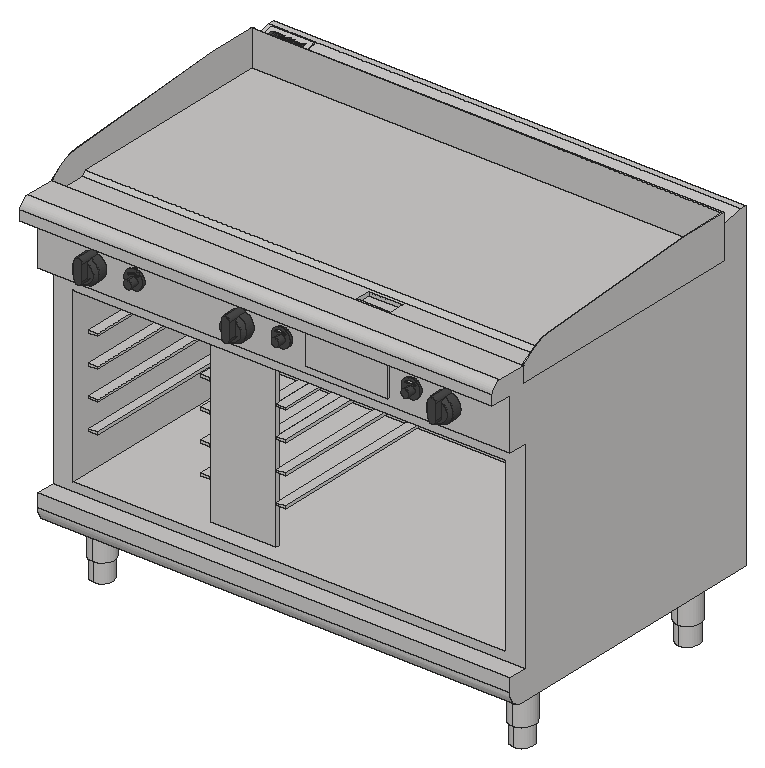
Revit family "QF_MOFFAT WALDORF_GPL8120G-CB", category Specialty Equipment, Revit 2012 (continued)
Definition of nested family "WALDORF LOGO_FACE BASE"
  Forms (in)
    Extrusion 3, solid, material "QF_Finishes_Black", visible <- "Show Logo"
      sketch origin (0, -1.30776, 0.0625) x (1, 0, 0) y (0, 1, 0)
        loop
          line (2.55408, 0.44737) -> (2.55408, 0.40555) -> (2.69204, 0.40555) -> (2.69204, 0.91394) -> (2.55408, 0.91394)
        loop
          arc (2.55408, 0.6332) -> (2.41772, 0.59004) -> (2.55408, 0.54689) r 0.07501
          line (2.55408, 0.54689) -> (2.55408, 0.6332)
        loop
          circle (2.93792, 0.59932) r 0.19685
        loop
          spline (2.93792, 0.70298) -> (2.92737, 0.69944) -> (2.91754, 0.68909) -> (2.90909, 0.67262) -> (2.90261, 0.65115) -> (2.89854, 0.62615) -> (2.89715, 0.59932) -> (2.89854, 0.57249) -> (2.90261, 0.54749) -> (2.90909, 0.52602) -> (2.91754, 0.50954) -> (2.92737, 0.49919) -> (2.93792, 0.49566)
          spline (2.93792, 0.49566) -> (2.94847, 0.49919) -> (2.9583, 0.50954) -> (2.96674, 0.52602) -> (2.97322, 0.54749) -> (2.97729, 0.57249) -> (2.97868, 0.59932) -> (2.97729, 0.62615) -> (2.97322, 0.65115) -> (2.96674, 0.67262) -> (2.9583, 0.68909) -> (2.94847, 0.69944) -> (2.93792, 0.70298)
        loop
          line (3.19903, 0.78003) -> (3.19903, 0.40555) -> (3.33994, 0.40555) -> (3.33994, 0.55809)
          arc (3.33994, 0.55809) -> (3.38007, 0.63357) -> (3.46509, 0.64251) r 0.09104
          line (3.46509, 0.64251) -> (3.46509, 0.78003) -> (3.43153, 0.78003)
          arc (3.43153, 0.78003) -> (3.36715, 0.75849) -> (3.3287, 0.70254) r 0.10698
          line (3.3287, 0.70254) -> (3.3287, 0.78003) -> (3.19903, 0.78003)
        loop
          line (3.55311, 0.78003) -> (3.50041, 0.78003) -> (3.50041, 0.69348) -> (3.55311, 0.69348) -> (3.55311, 0.40555) -> (3.7007, 0.40555) -> (3.7007, 0.69348) -> (3.7566, 0.69348) -> (3.7566, 0.78003) -> (3.7007, 0.78003)
          arc (3.7007, 0.78003) -> (3.71707, 0.81956) -> (3.7566, 0.83593) r 0.05591
          line (3.7566, 0.83593) -> (3.7566, 0.92922) -> (3.67389, 0.92922)
          arc (3.67389, 0.92922) -> (3.59618, 0.9017) -> (3.55311, 0.8314) r 0.12349
          line (3.55311, 0.8314) -> (3.55311, 0.78003)
        loop
          arc (0.60004, 0.92798) -> (0.3304, 0.65058) -> (0.60004, 0.37318) r 0.27751
          line (0.60004, 0.37318) -> (0.60004, 0.92798)
        loop
          line (0.61579, 0.92798) -> (0.61579, 0.37318)
          arc (0.61579, 0.37318) -> (0.88543, 0.65058) -> (0.61579, 0.92798) r 0.27751
        loop
          arc (1.8867, 0.57916) -> (1.8215, 0.54129) -> (1.8867, 0.50342) r 0.0436
          line (1.8867, 0.50342) -> (1.8867, 0.57916)
      from 0 to 0.00787
  Dimensions and locks (in)
    aligned and locked: plane 2 to Extrusion 1
    aligned and locked: level to Extrusion 1
Definition of nested family "GPL8120G-CB-CASTERS"
  Parameters (values of type "BT8600-LS-CASTERS")
    Weight = ""
    URL Manufacturer = ""
    URL Cutsheet = ""
    URL = ""
    Type Mark [instance] = ""
    Status [instance] = ""
    Specification by User [instance] = ""
    Specification by Manufacturer = ""
    Show Casters [instance] = no
    Serial Number = ""
    Seismic Rating = ""
    SMACNA No = ""
    Revision Code [instance] = ""
    Omniclass Number and Title = ""
    NAFEM Spec ID Number = ""
    Model = ""
    MasterSpec. = ""
    Manufacturer = ""
    Item Number [instance] = ""
    Installed By [instance] = ""
    Identify Quantity as Lot [instance] = yes
    Furnished By [instance] = ""
    Foodservice Equipment Identifier [instance] = yes
    Description = ""
    CSI MasterFormat = ""
    CSI Master Format = ""
    Assembly Code = ""
  Reference planes (in)
    plane 1: z = 0
    plane 2 "RIGHT": x = 0
    plane 3 "FRONT": y = 0
    plane 4 "Base Height": z = 5.90551
  Forms (in)
    Revolve 1, solid, material "QF_Finishes_Stainless Steel", visible <- "Show Casters"
      sketch origin (0, 2.21793, 0) x (0, 1, 0) y (0, 0, 1)
        loop
          line (-2.21793, 6) -> (-2.21793, 5.55584) -> (-0.93693, 5.55584) -> (-0.93693, 6) -> (-2.21793, 6)
        axis (-2.21793, 5.55584) -> (-2.21793, 6)
      angle from 0 to 360
    Extrusion 2, solid, material "QF_Finishes_Stainless Steel", visible <- "Show Casters"
      sketch origin (-1.81294, 2.21793, 0) x (0, 1, 0) y (0, 0, 1)
        loop
          line (-3.37793, 5.55584) -> (-3.37793, 5.25584) -> (-3.23369, 5.25584)
          arc (-3.23369, 5.25584) -> (-3.1238, 5.20977) -> (-3.03725, 5.12786) r 0.33195
          line (-3.03725, 5.12786) -> (-1.55521, 1.94961)
          arc (-1.55521, 1.94961) -> (-0.54268, 1.81523) -> (-0.22336, 2.78544) r 0.8
          arc (-0.22336, 2.78544) -> (-0.27816, 2.89808) -> (-0.34988, 3.00079) r 0.8
          arc (-0.34988, 3.00079) -> (-0.37005, 3.3613) -> (-0.26088, 3.70547) r 1
          line (-0.26088, 3.70547) -> (0.31507, 4.78867)
          arc (0.31507, 4.78867) -> (-0.09241, 4.97284) -> (-0.5252, 5.08531) r 2.63
          line (-0.5252, 5.08531) -> (-0.54193, 5.25584) -> (-1.05793, 5.25584) -> (-1.05793, 5.55584) -> (-3.37793, 5.55584)
      from 0.78968 to 0.90247
    Extrusion 3, solid, material "QF_Finishes_Stainless Steel", visible <- "Show Casters"
      sketch origin (0.13094, 2.21793, 0) x (0, 1, 0) y (0, 0, 1)
        loop
          line (-3.37793, 5.55584) -> (-3.37793, 5.25584) -> (-3.23369, 5.25584)
          arc (-3.23369, 5.25584) -> (-3.1238, 5.20977) -> (-3.03725, 5.12786) r 0.33195
          line (-3.03725, 5.12786) -> (-1.55521, 1.94961)
          arc (-1.55521, 1.94961) -> (-0.54268, 1.81523) -> (-0.22336, 2.78544) r 0.8
          arc (-0.22336, 2.78544) -> (-0.27816, 2.89808) -> (-0.34988, 3.00079) r 0.8
          arc (-0.34988, 3.00079) -> (-0.37005, 3.3613) -> (-0.26088, 3.70547) r 1
          line (-0.26088, 3.70547) -> (0.31507, 4.78867)
          arc (0.31507, 4.78867) -> (-0.09241, 4.97284) -> (-0.5252, 5.08531) r 2.63
          line (-0.5252, 5.08531) -> (-0.54193, 5.25584) -> (-1.05793, 5.25584) -> (-1.05793, 5.55584) -> (-3.37793, 5.55584)
      from 0.78968 to 0.90247
    Extrusion 4, solid, material "QF_Finishes_Stainless Steel", visible <- "Show Casters"
      sketch origin (-1.93794, 2.21793, 0) x (0, 1, 0) y (0, 0, 1)
        loop
          line (-3.37793, 5.55584) -> (-3.37793, 5.25584) -> (-3.23369, 5.25584) -> (-0.7432, 5.03796) -> (0.2811, 4.72479) -> (0.31507, 4.78867)
          arc (0.31507, 4.78867) -> (-0.09241, 4.97284) -> (-0.5252, 5.08531) r 2.63
          line (-0.5252, 5.08531) -> (-0.54193, 5.25584) -> (-1.05793, 5.25584) -> (-1.05793, 5.55584) -> (-3.37793, 5.55584)
      from 1.02747 to 2.85669
    Revolve 5, solid, material "QF_Finishes_Stainless Steel", visible <- "Show Casters"
      sketch origin (-1.93794, 1.21343, 0) x (1, 0, 0) y (0, 0, 1)
        loop
          line (0.5843, 2.5041) -> (3.2907, 2.5041) -> (3.2907, 2.6421) -> (3.2407, 2.6921) -> (3.1807, 2.6921) -> (3.1807, 2.8278) -> (2.7025, 2.8278) -> (2.7025, 3.22009) -> (2.5625, 3.30092) -> (2.42847, 4.1291) -> (2.59375, 4.1291) -> (2.59375, 4.3791) -> (2.5625, 4.3791) -> (2.5625, 4.6291)
          arc (2.5625, 4.6291) -> (2.45267, 4.89426) -> (2.1875, 5.0041) r 0.375
          line (2.1875, 5.0041) -> (1.6875, 5.0041)
          arc (1.6875, 5.0041) -> (1.42233, 4.89426) -> (1.3125, 4.6291) r 0.375
          line (1.3125, 4.6291) -> (1.3125, 4.3791) -> (1.28125, 4.3791) -> (1.28125, 4.1291) -> (1.44653, 4.1291) -> (1.31307, 3.30443) -> (1.1725, 3.22327) -> (1.1725, 2.8278) -> (0.6943, 2.8278) -> (0.6943, 2.6921) -> (0.6343, 2.6921) -> (0.5843, 2.6421) -> (0.5843, 2.5041)
        axis (0.5843, 2.5041) -> (3.2907, 2.5041)
      angle from 0 to 360
  Cuts and joins
    joined: Extrusion 2, Extrusion 3, Extrusion 4
  Lines and regions (in)
    symbolic lines, style "SpecialityEquipmentHiddenLines", visible <- "Show Casters"
      curve 1: line (0.70901, 2.6399, 0) -> (1.79507, 2.01286, 0)
      curve 2: line (-1.79099, -1.69023, 0) -> (0.70901, 2.6399, 0)
      curve 3: line (-0.70493, -2.31727, 0) -> (-1.79099, -1.69023, 0)
      curve 4: line (1.79507, 2.01286, 0) -> (-0.70493, -2.31727, 0)
  Dimensions and locks (in)
    plane 4 "Base Height" to level = 5.90551"  (x2)
    Revolve 5 sketch curve to Revolve 5 sketch curve = 2 1/2"
    aligned and locked: level to plane 1
